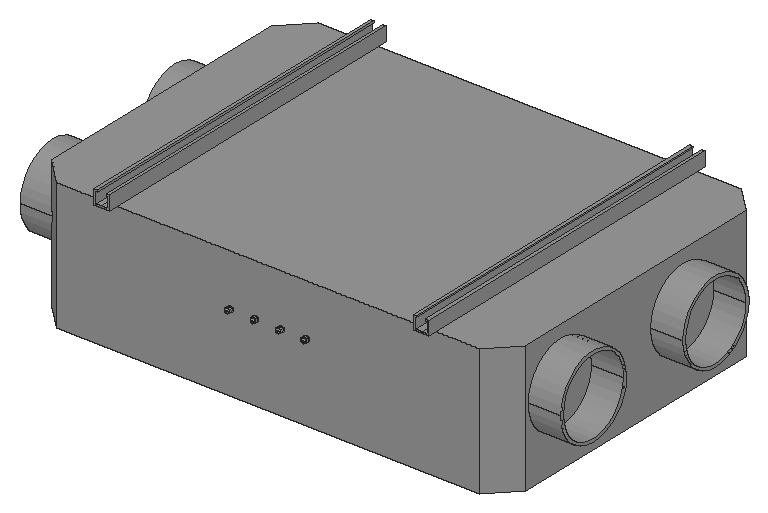
Revit family "Reneo D 180_240", category Оборудование, Revit 2021
Family settings
  Размер круглого соединителя = Использовать диаметр
  Классификация = Нет
  Тип детали = Нормальный
  На основе рабочей плоскости = Нет
  Всегда вертикально = Да
  При загрузке вырезать с полостями = Нет
  Общий = Нет
  Точка принадлежности помещению = Нет
Parameters (values of type "Reneo D 240-E")
  wd1 = 134 mm  # constant formula
  Width = W  # 677 mm
  Weight = 15.00 kg
  W = 677 mm
  Temperature of moving air = "+45°С"  # constant formula
  Sound pressure level at 3 m distance = "33 dBA"
  Pressure_Static_Air = 0.0 Pa
  Length = L  # 1060 mm
  L = 1060 mm
  Height = H  # 290 mm
  Filter = "Coarse > 60%"  # constant formula
  Diameter = D  # 160 mm
  Отметка по умолчанию = 0 mm
  Изготовитель = "Blauberg"  # constant formula
  wd2 = 300 mm  # constant formula
  d = D - 10 mm  # 150 mm
  Wk = 640 mm
  Voltage = 230 V
  URL = ""
  Power = 171 W
  Number of Fase = 1
  Maximum Air Flow = 310.0 m³/h
  Maintenance zone material = none
  Load Classification = "HVAC"
  Lk = 930 mm
  H = 290 mm
  Frequency [instance] = 50 Hz
  D = 160 mm
  Casing Material = Polypropylene (black)
  Amperage = 1.340 A
  Air Flow [instance] = 0.0 m³/h
  09_System_Name [instance] = ""
  00_20_Type = "Reneo D 240-E"
  00_20_Name = "Air handling unit"  # constant formula
  00_20_Manufacturer = "Blauberg"  # constant formula
Types (5, lengths in mm): name | Weight | Sound pressure level at 3 m distance | Power | Maximum Air Flow | Amperage | 00_20_Type
  (no name) | 15.00 kg | "33 dBA" | 171 W | 310.0 m³/h | 1.340 A | "Reneo D 240-E"
  Reneo D 180 | 12.00 kg | "29 dBA" | 53 W | 181.0 m³/h | 0.490 A | "Reneo D 180"
  Reneo D 180-E | 15.00 kg | "29 dBA" | 53 W | 181.0 m³/h | 0.490 A | "Reneo D 180-E"
  Reneo D 240 | 12.00 kg | "33 dBA" | 171 W | 310.0 m³/h | 1.340 A | "Reneo D 240"
  Reneo D 240-E | 15.00 kg | "33 dBA" | 171 W | 310.0 m³/h | 1.340 A | "Reneo D 240-E"
Reference planes
  plane 1 "По центру (Вперед/Назад)": y = 0
  plane 2: z = 0
  plane 3 "По центру (Влево/Вправо)": x = 0
  plane 4 "верхняя": y = 114
  plane 5 "нижняя": y = -186
  plane 6: z = -130
  plane 7: z = -290
  plane 8: y = 320
  plane 9: y = -320
  plane 10: x = 465
  plane 11: x = -465
Forms (mm)
  Extrusion 1, solid, material "Polypropylene (black)" <- "Casing Material"
    sketch origin (0, 0, 0) x (1, 0, 0) y (0, 1, 0)
      loop
        line (-415, -320) -> (415, -320) -> (465, -270) -> (465, 270) -> (415, 320) -> (-415, 320) -> (-465, 270) -> (-465, -270) -> (-415, -320)
    from -28 to -283
  Blend 2, solid, material "Polypropylene (black)" <- "Casing Material"
    base sketch origin (-20, 0, 0) x (1, 0, 0) y (0, 1, 0)
      loop
        line (-58.438, -320) -> (44.718, -124.541)
        arc (44.718, -124.541) -> (78.284, -87.616) -> (125.514, -71.508) r 100
        line (125.514, -71.508) -> (485, -43.954) -> (485, 0) -> (485, 43.954) -> (125.514, 71.508)
        arc (125.514, 71.508) -> (78.284, 87.616) -> (44.718, 124.541) r 100
        line (44.718, 124.541) -> (-58.438, 320) -> (-374.232, 320) -> (-289.538, 27.843)
        arc (-289.538, 27.843) -> (-285.584, 0) -> (-289.538, -27.843) r 100
        line (-289.538, -27.843) -> (-374.232, -320) -> (-58.438, -320)
    top sketch origin (-20, 0, 0) x (1, 0, 0) y (0, 1, 0)
      loop
        line (-47.883, -300) -> (44.718, -124.541)
        arc (44.718, -124.541) -> (78.284, -87.616) -> (125.514, -71.508) r 100
        line (125.514, -71.508) -> (465, -45.487) -> (465, 45.487) -> (125.514, 71.508)
        arc (125.514, 71.508) -> (78.284, 87.616) -> (44.718, 124.541) r 100
        line (44.718, 124.541) -> (-47.883, 300) -> (-368.434, 300) -> (-289.538, 27.843)
        arc (-289.538, 27.843) -> (-285.584, 0) -> (-289.538, -27.843) r 100
        line (-289.538, -27.843) -> (-368.434, -300) -> (-47.883, -300)
    from -283 to -290
  Extrusion 3, solid, material "Polypropylene (black)" <- "Casing Material"
    sketch origin (410, 0, 0) x (0, -1, 0) y (0, 0, 1)
      loop
        circle (-114, -130) r 80
      loop
        circle (-114, -130) r 75
      loop
        circle (186, -130) r 80
      loop
        circle (186, -130) r 75
    from -120 to 940
Dimensions and locks
  equal spacing: Extrusion 1 sketch curve, plane 1 "По центру (Вперед/Назад)", Extrusion 1 sketch curve
  "Wk": Extrusion 1 sketch curve to Extrusion 1 sketch curve
  equal spacing: Extrusion 1 sketch curve, plane 3 "По центру (Влево/Вправо)", Extrusion 1 sketch curve
  "Lk": Extrusion 1 sketch curve to Extrusion 1 sketch curve
  "H": plane 7 to level
  "wd2": plane 4 "верхняя" to plane 5 "нижняя"
  locked: plane 7 to Extrusion 1 at 7
  equal spacing: plane 9, plane 1 "По центру (Вперед/Назад)", plane 8
  "Wk": plane 9 to plane 8
  "wd1": plane 5 "нижняя" to plane 9
  locked: plane 6 to level at 130
  locked: Extrusion 1 sketch curve to plane 9 at 50  (x2)
  equal spacing: plane 11, plane 3 "По центру (Влево/Вправо)", plane 10
  "Lk": plane 11 to plane 10
  locked: plane 11 to Extrusion 1 sketch curve at 50  (x2)
  locked: Extrusion 1 sketch curve to plane 10 at 50  (x2)
  locked: Extrusion 1 sketch curve to plane 8 at 50  (x2)
  equal spacing: Extrusion 3, plane 3 "По центру (Влево/Вправо)", Extrusion 3
  "L": Extrusion 3 to Extrusion 3
  locked: Blend 2 sketch curve to plane 8 at 20
  locked: plane 9 to Blend 2 sketch curve at 20
  locked: Blend 2 sketch curve to plane 10 at 20
  locked: Blend 2 to Blend 2 at 7
  locked: plane 3 "По центру (Влево/Вправо)" to nested 1 at 25
  locked: plane 3 "По центру (Влево/Вправо)" to nested 2 at 75
  locked: plane 3 "По центру (Влево/Вправо)" to nested 3 at 25
  locked: plane 3 "По центру (Влево/Вправо)" to nested 4 at 75
  locked: Extrusion 1 to level at 28
  locked: Extrusion 3 to nested 5 at 218
  nested 5 to nested 6 = 627 mm
  "D": diameter of Extrusion 3 sketch curve  (x2)
  "d": diameter of Extrusion 3 sketch curve  (x2)
  aligned and locked: level to plane 2
  aligned and locked: plane 4 "верхняя" to Extrusion 3 sketch curve  (x2)
  aligned and locked: plane 5 "нижняя" to Extrusion 3 sketch curve  (x2)
  aligned and locked: Blend 2 sketch curve to plane 9
  aligned and locked: plane 8 to Blend 2 sketch curve
  aligned and locked: plane 10 to Blend 2 sketch curve
  aligned and locked: Blend 2 to plane 7
  aligned and locked: nested 1 to plane 6
  aligned and locked: nested 2 to plane 6
  aligned and locked: plane 6 to nested 3
  aligned and locked: plane 6 to nested 4
  aligned and locked: plane 1 "По центру (Вперед/Назад)" to nested 5
  aligned and locked: nested 6 to plane 1 "По центру (Вперед/Назад)"
  aligned and locked: level to nested 5  (x2)
Automatic sketch dimensions
  Extrusion 3 sketch curve to Extrusion 3 sketch curve = 0 mm  (x2)
  Extrusion 3 sketch curve to plane 6 = 0 mm  (x2)
  plane 1 "По центру (Вперед/Назад)" to Blend 2 sketch curve = 0 mm  (x3)
  plane 3 "По центру (Влево/Вправо)" to Blend 2 sketch curve = 113.157 mm  (x4)
  plane 5 "нижняя" to Blend 2 sketch curve = 14.784 mm  (x2)
  Blend 2 sketch curve to plane 4 "верхняя" = 42.492 mm  (x2)
  Blend 2 sketch curve to Blend 2 sketch curve = 7.642 mm  (x4)
  plane 3 "По центру (Влево/Вправо)" to Blend 2 sketch curve = 24.718 mm  (x4)
  plane 4 "верхняя" to Blend 2 sketch curve = 10.541 mm  (x2)
  Blend 2 sketch curve to plane 3 "По центру (Влево/Вправо)" = 78.438 mm  (x2)
  plane 1 "По центру (Вперед/Назад)" to Blend 2 sketch curve = 27.843 mm  (x2)
  plane 11 to Blend 2 sketch curve = 155.462 mm  (x2)
  Blend 2 sketch curve to plane 1 "По центру (Вперед/Назад)" = 27.843 mm  (x2)
  plane 11 to Blend 2 sketch curve = 70.768 mm  (x2)
  plane 11 to Blend 2 sketch curve = 59.416 mm  (x2)
  plane 5 "нижняя" to Blend 2 sketch curve = 61.459 mm  (x2)
  plane 1 "По центру (Вперед/Назад)" to Blend 2 sketch curve = 43.954 mm
  Blend 2 sketch curve to plane 1 "По центру (Вперед/Назад)" = 43.954 mm
  Blend 2 sketch curve to plane 3 "По центру (Влево/Вправо)" = 67.883 mm  (x2)
  plane 11 to Blend 2 sketch curve = 76.566 mm  (x2)
  plane 1 "По центру (Вперед/Назад)" to Blend 2 sketch curve = 45.487 mm
  Blend 2 sketch curve to plane 1 "По центру (Вперед/Назад)" = 45.487 mm
Nested families
  nested 1: "Сonnector" at (-25, -320, -130) x (1, 0, 0) z (0, -1, 0), type "10"
  nested 2: "Сonnector" at (-75, -320, -130) x (1, 0, 0) z (0, -1, 0), type "10"
  nested 3: "Сonnector" at (25, -320, -130) x (-1, 0, 0) z (0, -1, 0), type "10"
  nested 4: "Сonnector" at (75, -320, -130) x (-1, 0, 0) z (0, -1, 0), type "10"
  nested 5: "fastener" at (-312, 0, 0), type "fastener"
    with L 677 mm
  nested 6: "fastener" at (315, 0, 0) x (-1, 0, 0) z (0, 0, 1), type "fastener"
    with L 677 mm
Connectors
  hvac at (-530, 114, -130), driven by "D"
    settings: on Extrusion 3, index 1, duct flow 0.0 m³/h, flow factor 0, pres drop 0.0 Pa, loss coef 0, conn angle 0.00°, conn width 304.8 mm, conn height 304.8 mm, conn diameter 160 mm, duct sys type 29, conn prof type 0, flow config 0, flow direction 0, loss method 0, conn ref index -1, conn util no, is conn primary yes, conn desc ""
  hvac at (-530, -186, -130), driven by "D"
    settings: on Extrusion 3, index 2, duct flow 0.0 m³/h, flow factor 0, pres drop 0.0 Pa, loss coef 0, conn angle 0.00°, conn width 304.8 mm, conn height 304.8 mm, conn diameter 160 mm, duct sys type 29, conn prof type 0, flow config 0, flow direction 0, loss method 0, conn ref index -1, conn util no, is conn primary no, conn desc ""
  hvac at (530, -186, -130), driven by "D"
    settings: on Extrusion 3, index 3, duct flow 0.0 m³/h, flow factor 0, pres drop 0.0 Pa, loss coef 0, conn angle 0.00°, conn width 304.8 mm, conn height 304.8 mm, conn diameter 160 mm, duct sys type 29, conn prof type 0, flow config 0, flow direction 0, loss method 0, conn ref index -1, conn util no, is conn primary no, conn desc ""
  hvac at (530, 114, -130), driven by "D"
    settings: on Extrusion 3, index 4, duct flow 0.0 m³/h, flow factor 0, pres drop 0.0 Pa, loss coef 0, conn angle 0.00°, conn width 304.8 mm, conn height 304.8 mm, conn diameter 160 mm, duct sys type 29, conn prof type 0, flow config 0, flow direction 0, loss method 0, conn ref index -1, conn util no, is conn primary no, conn desc ""
Definition of nested family "Сonnector"
  Parameters (values of type "10")
    Default Elevation = 1219.2 mm
    r1 = r / 1.3333  # 3.75 mm
    r = 5 mm
    h3 = H / 3.2  # 2.812 mm
    h1 = H / 1.28  # 7.031 mm
    h4 = H / 6.4  # 1.406 mm
    H = 9 mm
    A = 2 * r * tan(30.00°)  # 5.774 mm
  Types (2, lengths in mm): name | r1 | r | h3 | h1 | h4 | H | A
    10 | 3.75 | 5 | 2.812 | 7.031 | 1.406 | 9 | 5.774
    16 | 6 | 8 | 3.75 | 9.375 | 1.875 | 12 | 9.238
  Reference planes
    plane 1 "По центру (Вперед/Назад)": y = 0
    plane 2: z = 0
    plane 3 "По центру (Влево/Вправо)": x = 0
  Forms (mm)
    Extrusion 1, solid
      sketch origin (-129.783, 0, -1.583) x (-1, 0, 0) y (0, -1, 0)
        loop
          line (-129.783, -5.774) -> (-124.783, -2.887) -> (-124.783, 2.887) -> (-129.783, 5.774) -> (-134.783, 2.887) -> (-134.783, -2.887) -> (-129.783, -5.774)
      from 1.583 to 2.989
    Extrusion 2, solid
      sketch origin (-129.783, 0, 0) x (-1, 0, 0) y (0, -1, 0)
        loop
          circle (-129.783, 0) r 3.75
      from 1.406 to 2.812
    Extrusion 3, solid
      sketch origin (-129.783, 0, 14.25) x (-1, 0, 0) y (0, -1, 0)
        loop
          line (-129.783, -5.774) -> (-124.783, -2.887) -> (-124.783, 2.887) -> (-129.783, 5.774) -> (-134.783, 2.887) -> (-134.783, -2.887) -> (-129.783, -5.774)
      from -11.438 to -7.219
    Revolve 4, solid
      sketch origin (-129.783, 0, -5.678) x (-1, 0, 0) y (0, 0, -1)
        loop
          line (-126.033, -12.709) -> (-129.783, -12.709) -> (-129.783, -14.678) -> (-127.033, -14.678)
          arc (-127.033, -14.678) -> (-126.326, -14.385) -> (-126.033, -13.678) r 1
          line (-126.033, -13.678) -> (-126.033, -12.709)
        axis (-129.783, -14.678) -> (-129.783, -12.709)
      angle from 0 to 360
  Dimensions and locks
    "A": Extrusion 3 sketch curve to Extrusion 3 sketch curve  (x6)
    equal spacing: Extrusion 3 sketch curve, plane 1 "По центру (Вперед/Назад)", Extrusion 3 sketch curve  (x2)
    "A": Extrusion 3 sketch curve to plane 1 "По центру (Вперед/Назад)" to Extrusion 3 sketch curve
    "A": Extrusion 1 sketch curve to Extrusion 1 sketch curve  (x6)
    "A": Extrusion 1 sketch curve to plane 1 "По центру (Вперед/Назад)" to Extrusion 1 sketch curve
    "r1": plane 3 "По центру (Влево/Вправо)" to Revolve 4 sketch curve
    "H": level to Revolve 4 sketch curve
    "h1": level to Extrusion 3
    "h3": level to Extrusion 3
    "h1": level to Revolve 4 sketch curve
    "h3": level to Extrusion 2
    "h4": level to Extrusion 2
    "h4": level to Extrusion 1
    "r1": radius of Extrusion 2 sketch curve
    aligned and locked: level to plane 2
    aligned and locked: Extrusion 1 to Extrusion 2
    aligned and locked: Extrusion 1 to level
    aligned and locked: Extrusion 3 to Extrusion 2
  Automatic sketch dimensions
    Extrusion 1 sketch curve to plane 3 "По центру (Влево/Вправо)" = 0 mm  (x2)
    plane 1 "По центру (Вперед/Назад)" to Extrusion 2 sketch curve = 0 mm
    Extrusion 2 sketch curve to plane 3 "По центру (Влево/Вправо)" = 0 mm
    Extrusion 3 sketch curve to plane 3 "По центру (Влево/Вправо)" = 0 mm
    Revolve 4 sketch curve to plane 3 "По центру (Влево/Вправо)" = 0 mm  (x2)
    Revolve 4 sketch curve to Revolve 4 sketch curve = 1 mm
    level to Revolve 4 sketch curve = 1.702 mm
    Revolve 4 sketch curve to level = 6.18 mm
Definition of nested family "fastener"
  Parameters (values of type "Семейство1")
    Default Elevation = 0 mm
    L = 900 mm
  Reference planes
    plane 1 "По центру (Вперед/Назад)": y = 0
    plane 2: z = 0
    plane 3 "По центру (Влево/Вправо)": x = 0
  Forms (mm)
    Extrusion 1, solid
      sketch origin (0, 0, 0) x (1, 0, 0) y (0, 0, 1)
        loop
          line (0, -28) -> (15, -28) -> (15, 0) -> (8.953, 0) -> (8.953, -2.958) -> (11.986, -2.958) -> (11.986, -25) -> (0, -25) -> (-11.986, -25) -> (-11.986, -2.958) -> (-8.953, -2.958) -> (-8.953, 0) -> (-15, 0) -> (-15, -28) -> (0, -28)
      from -450 to 450
  Dimensions and locks
    equal spacing: Extrusion 1, plane 1 "По центру (Вперед/Назад)", Extrusion 1
    "L": Extrusion 1 to Extrusion 1
    aligned and locked: level to plane 2
  Automatic sketch dimensions
    Extrusion 1 sketch curve to level = 0 mm  (x2)
    Extrusion 1 sketch curve to plane 3 "По центру (Влево/Вправо)" = 0 mm  (x2)
    Extrusion 1 sketch curve to plane 3 "По центру (Влево/Вправо)" = 8.953 mm
    Extrusion 1 sketch curve to plane 3 "По центру (Влево/Вправо)" = 11.986 mm
    Extrusion 1 sketch curve to Extrusion 1 sketch curve = 3.014 mm  (x2)
    Extrusion 1 sketch curve to level = 2.958 mm  (x2)
    plane 3 "По центру (Влево/Вправо)" to Extrusion 1 sketch curve = 8.953 mm
    Extrusion 1 sketch curve to Extrusion 1 sketch curve = 3.033 mm
    Extrusion 1 sketch curve to Extrusion 1 sketch curve = 22.042 mm
    Extrusion 1 sketch curve to Extrusion 1 sketch curve = 3 mm
